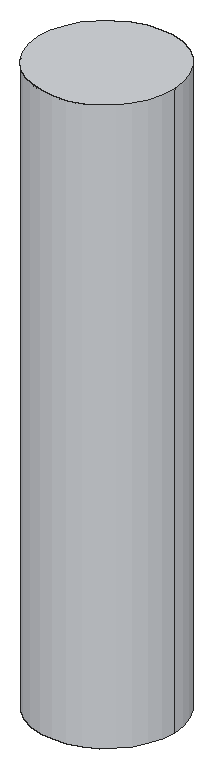
Revit family "6db446d7dc42425b9ddc72324eece13f", category Sprinklers, Revit 2021
Family settings
  Maintain Annotation Orientation = Yes
  Round Connector Dimension = Use Radius
  Part Type = Normal
  OmniClass Number = 23.65.70.17.11.24
  OmniClass Title = Fire Fighting Sprinkler Heads
  Seek Item ID = Sprinkler - Upright-0000-USA-ENU
  Work Plane-Based = No
  Always vertical = Yes
  Cut with Voids When Loaded = No
  Shared = No
  Room Calculation Point = No
Parameters (values of type "1/2" Upright")
  Temperature Rating = 135 °F
  Symbol [instance] = Sprinkler - Symbol - Upright : Sprinkler - Symbol - Upright
  Response = Standard
  Pressure Drop [instance] = 7.00 psi
  Pressure Class = Standard
  Overall Length = 2 3/8"
  Orifice Size = 1/2"
  Orifice = Standard
  K-Factor = 5.6
  Flow [instance] = 30 GPM
  Default Elevation = 0' - 0"
  Coverage = Standard
  Nominal Diameter = Nominal Radius * 2  # 1/2"
  Nominal Radius = 1/4"
  CEL = 1/4"
  Assembly Code = ""
Types (8): name | Symbol | Pressure Drop | Overall Length | Orifice Size | K-Factor | Flow | Nominal Diameter | Nominal Radius | CEL
  1/2" Upright | Sprinkler - Symbol - Upright : Sprinkler - Symbol - Upright | 7.00 psi | 2 3/8" | 1/2" | 5.6 | 30 GPM | 1/2" | 1/4" | 1/4"
  1/2" Upright on Sprig | Sprinkler - Symbol - Upright on Sprig : Sprinkler - Symbol - Upright on Sprig | 7.00 psi | 2 3/8" | 1/2" | 5.6 | 30 GPM | 1/2" | 1/4" | 1/4"
  1/2" Upright on Sprig with Guard | Sprinkler - Symbol - Upright on Sprig with Guard : Sprinkler - Symbol - Upright on Sprig with Guard | 7.00 psi | 2 3/8" | 1/2" | 5.6 | 30 GPM | 1/2" | 1/4" | 1/4"
  1/2" Upright with Guard | Sprinkler - Symbol - Upright with Guard : Sprinkler - Symbol - Upright with Guard | 7.00 psi | 2 3/8" | 1/2" | 5.6 | 30 GPM | 1/2" | 1/4" | 1/4"
  3/4" Upright | Sprinkler - Symbol - Upright : Sprinkler - Symbol - Upright | 14.00 psi | 2 1/2" | 17/32" | 8 | 43 GPM | 3/4" | 3/8" | 3/8"
  3/4" Upright on Sprig | Sprinkler - Symbol - Upright on Sprig : Sprinkler - Symbol - Upright on Sprig | 14.00 psi | 2 1/2" | 17/32" | 8 | 43 GPM | 3/4" | 3/8" | 3/8"
  3/4" Upright on Sprig with Guard | Sprinkler - Symbol - Upright on Sprig with Guard : Sprinkler - Symbol - Upright on Sprig with Guard | 14.00 psi | 2 1/2" | 17/32" | 8 | 43 GPM | 3/4" | 3/8" | 3/8"
  3/4" Upright with Guard | Sprinkler - Symbol - Upright with Guard : Sprinkler - Symbol - Upright with Guard | 14.00 psi | 2 1/2" | 17/32" | 8 | 43 GPM | 3/4" | 3/8" | 3/8"
Reference planes (in)
  plane 1 "Center (Front/Back)": y = 0
  plane 2: z = 0
  plane 3 "Center (Left/Right)": x = 0
  plane 4: z = 2.125
  plane 5: z = -0.25
Forms (in)
  Extrusion 1, solid
    sketch origin (0, 0, 0) x (1, 0, 0) y (0, 1, 0)
      loop
        circle (0, 0) r 0.25
    from 0 to 2.125
Dimensions and locks (in)
  "Overall Length": plane 4 to plane 5
  "CEL": level to plane 5
  "Nominal Radius": radius of Extrusion 1 sketch curve
  aligned and locked: plane 4 to Extrusion 1
  aligned and locked: Extrusion 1 to level
Automatic sketch dimensions
  Extrusion 1 sketch curve to plane 1 "Center (Front/Back)" = 0' - 0"
  Extrusion 1 sketch curve to plane 3 "Center (Left/Right)" = 0' - 0"
Nested families (in)
  nested 1: "Sprinkler - Symbol - Upright" at (0, 0, 0), type <- "Symbol", type "Sprinkler - Symbol - Upright"
Connectors (in)
  piping at (0, 0, 0), diameter 0.5, driven by "Nominal Radius", driven by "Flow", driven by "Pressure Drop"
    settings: on Extrusion 1, index 1, connector inside diameter 1/2", connector length 0' - 0", flow factor 0, pipe flow 30 GPM, pressure drop 7.00 psi, fitting loss kfactor 0, connector angle 0.00°, fixture units 0, engagement length 0' - 0", angle of deflection 0.00°, flow configuration 1, flow direction 1, fitting loss method 4, system type 23, joint type 0, gender type 0, connector reference index -1, connector utility 0, adjustable connector no, is connector primary yes, connector description "In"
Definition of nested family "Sprinkler - Symbol - Upright"
  Parameters
    Symbol Radius = 0.5 * Symbol Diameter  # 0' - 0 1/16"
    Symbol Diameter = 0' - 0 1/8"
  Reference planes (in)
    plane 1: y = 0
    plane 2: x = 0
  Lines and regions (in)
    detail lines
      curve 1: circle (0, 0, 0) r 0.0625 normal (0, 0, 1)
  Dimensions and locks (in)
    "Symbol Radius": radius of curve 1
  Automatic sketch dimensions
    curve 1 to plane 1 = 0' - 0"
    curve 1 to plane 2 = 0' - 0"
